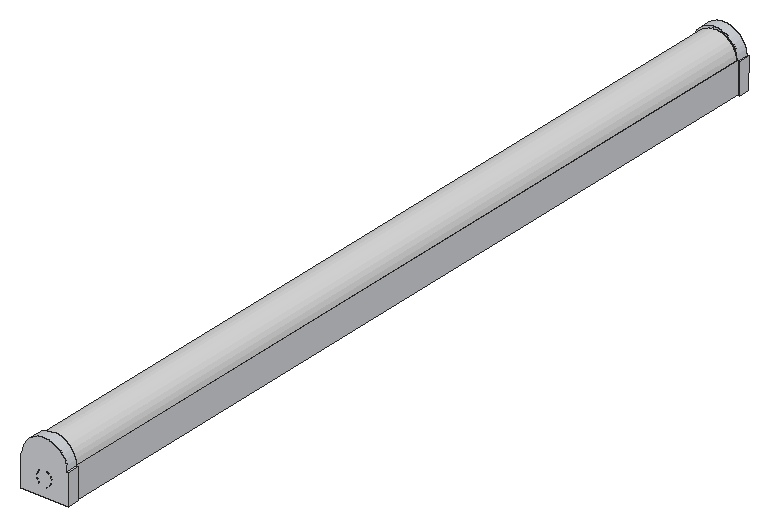
Revit family "WayLine_1220", category Lighting Fixtures, host Face, Revit 2017
Family settings
  Host = Face
  Round Connector Dimension = Use Diameter
  Part Type = Normal
  OmniClass Number = 23.80.70.00
  OmniClass Title = Lighting
  Cut with Voids When Loaded = No
  Light Source = Yes
  Shared = No
  Room Calculation Point = No
Parameters (values of type "0048924 WAYLINE 1200 DALI 3100LM 840")
  Weight = "9.96 kg"
  Wattage Comments = ""
  Wattage = 23 W
  WarrantyStartDate [instance] = "n/a"
  WarrantyGuarantorParts = "n/a"
  WarrantyDurationUnit = "n/a"
  WarrantyDurationParts = "n/a"
  WarrantyDescription = "n/a"
  WIDTH/2_SYL = 35 mm
  built-in parameter 1150110 = 1 (stored number, unit not read)
  Voltage = 0 V
  URL = "http://www.sylvania-lighting.com"
  TypeName = "Wayline 1200 DALI 3100lm 840"
  Type Image = <None>
  Type Comments = "n/a"
  built-in parameter 1114217 = 1 (stored number, unit not read)
  Tilt Angle = -90.00°
  built-in parameter 1150109 = 1 (stored number, unit not read)
  built-in parameter 1150134 = 12
  built-in parameter 1150113 = 1 (stored number, unit not read)
  SerialNumber [instance] = "n/a"
  R_HEIGHT_SYL = 44 mm
  Photometric Web File = "0048924.ies"
  Material_3_SYL = none
  PowerFactor = 0.9
  PowerConsumption = "23 W"
  NominalLength = 1220 mm
  NominalHeight = 76.5 mm
  NominalDepth = 70 mm
  Name = "Wayline 1200 DALI 3100lm 840"
  ModelReference = Name  # "Wayline 1200 DALI 3100lm 840"
  ModelNumber = "48924"
  Model = Name  # "Wayline 1200 DALI 3100lm 840"
  Material = "steel housing, pc polycarbonate diffuser"
  ManufacturerName = "Feilo Sylvania"
  Manufacturer = "Feilo Sylvania"
  LuminousEfficacy = "135 lm/W"
  built-in parameter 1150105 = -2495115.9 (stored number, unit not read)
  Lumens = 3105 lm
  LuminaireType = ""
  built-in parameter 1150115 = 1 (stored number, unit not read)
  LightOutputRatio = "n/a"
  built-in parameter 1150137 = (empty or 0)
  built-in parameter 1150139 = (empty or 0)
  LampsType = Lamp  # "LED"
  LampNominalLuminous = "3100 lm"
  LampMacAdamStep = "5"
  LampColourTemperature = "4000 K"
  LampColourRenderingIndex = "80"
  built-in parameter 1150112 = 1 (stored number, unit not read)
  built-in parameter 1150114 = 1 (stored number, unit not read)
  Lamp = "LED"
  LUM_R_SYL = 30 mm
  Keynote = "16500"
  InstallationDate [instance] = "n/a"
  InputVoltage = "n/a"
  InputNominalFrequency = "n/a"
  built-in parameter 1150132 = (empty or 0)
  built-in parameter 1150102 = (empty or 0)
  built-in parameter 1150107 = 4000 (stored number, unit not read)
  built-in parameter 1150138 = (empty or 0)
  IngressProtection = "IP20"
  ImpactProtectionIndex = "IK08"
  built-in parameter 1150106 = -24951.2 (stored number, unit not read)
  IfcExportType = "IfcLightFixtureType"
  IfcExportAs = "IfcLightFixtureType"
  HOLE_HEIGHT_SYL = 24 mm
  HEIGHT_SYL = 76.5 mm
  GAP_SYL = 2.5 mm
  Emit from Circle Diameter = 609.6 mm
  Emit Shape Visible in Rendering = no
  ElectricShockClassification = "Class I"
  built-in parameter 1150104 = 12.542 (stored number, unit not read)
  DocumentationLiterature = "http://www.sylvania-lighting.com/product/en-int/products/0048924"
  DimmingControlOptions = "n/a"
  Material_2_SYL = none
  Dimming Lamp Color Temperature Shift = <None>
  Description = "LED batten, T8 replacement, ease of installation through 2 part push-in design of the housing (safety cable included), through wiring capability, steel housing, 3100lm, 23W, 135lm/W, 4000K, CRI80, 3 step MacAdam ellipse, symmetric wide beam angle, Class I, 90000 hrs L80B20 lifespan, DALI dimmable driver, IK08, IP20, 1220 x 70 x 76.5mm (LxWxD) dimensions, 1.66kg weight."
  Default Elevation = 1219.2 mm
  CreatedOn = "5/25/2021"
  CreatedBy = "@sylvania-lighting.com"
  Cost = 0
  Color Filter = 16777215
  built-in parameter 1114216 [instance] = (empty or 0)
  ClassificationValue = "EF_70_80"
  ClassificationName = "Uniclass2015"
  Material_1_SYL = Dynamo
  BarCode [instance] = "n/a"
  built-in parameter 1114218 = 1 (stored number, unit not read)
  built-in parameter 1150133 = 10 (stored number, unit not read)
  AssetType = "Fixed"
  AssetIdentifier [instance] = "n/a"
  Assembly Code = "D5020200"
  Apparent Load = 23 VA
  Material_4_SYL = none
Types (8, lengths in mm): name | Weight | Wattage | TypeName | Photometric Web File | PowerConsumption | Name | ModelReference | ModelNumber | Model | LuminousEfficacy | built-in parameter 1150105 | Lumens | LampNominalLuminous | built-in parameter 1150106 | built-in parameter 1150104 | DocumentationLiterature | Description | Apparent Load
  0048940 WAYLINE 1200 MWCOR 3100LM 840 | "10.38 kg" | 24 W | "Wayline 1200 MWCOR 3100lm 840" | "0048940.ies" | "24 W" | "Wayline 1200 MWCOR 3100lm 840" | "Wayline 1200 MWCOR 3100lm 840" | "48940" | "Wayline 1200 MWCOR 3100lm 840" | "129 lm/W" | -2487883.7 (stored number, unit not read) | 3096 lm | "3100 lm" | -24878.8 (stored number, unit not read) | 11.984 (stored number, unit not read) | "http://www.sylvania-lighting.com/product/en-int/products/0048940" | "LED batten, T8 replacement, ease of installation through 2 part push-in design of the housing (safety cable included), through wiring capability, steel housing, 3100lm, 24W, 129lm/W, 4000K, CRI80, 3 step MacAdam ellipse, symmetric wide beam angle, Class I, 90000 hrs L80B20 lifespan, non-dimmable driver, corridor function with microwave presence sensor, IK08, IP20, 1220 x 70 x 76.5mm  (L x W x H) dimensions, 1.73kg." | 24 VA
  0048933 WAYLINE 1200 MW 5700LM 840 | "8.82 kg" | 41 W | "Wayline 1200 MW 5700lm 840" | "0048933.ies" | "41 W" | "Wayline 1200 MW 5700lm 840" | "Wayline 1200 MW 5700lm 840" | "48933" | "Wayline 1200 MW 5700lm 840" | "139 lm/W" | -8420557.4 (stored number, unit not read) | 5699 lm | "5700 lm" | -84205.6 (stored number, unit not read) | 12.914 (stored number, unit not read) | "http://www.sylvania-lighting.com/product/en-int/products/0048933" | "LED batten, T8 replacement, ease of installation through 2 part push-in design of the housing (safety cable included), through wiring capability, steel housing, 5700lm, 41W, 139lm/W, 4000K, CRI80, 3 step MacAdam ellipse, symmetric wide beam angle, Class I, 90000 hrs L80B20 lifespan, non-dimmable driver, MW sensor for 360° detection up to 8m range at 6m mounting height, IK08, IP20, 1220 x 70 x 76.5mm (LxWxD) dimensions, 1.47kg weight." | 41 VA
  0048932 WAYLINE 1200 MW 3200LM 840 | "8.64 kg" | 24 W | "Wayline 1200 MW 3200lm 840" | "0048932.ies" | "24 W" | "Wayline 1200 MW 3200lm 840" | "Wayline 1200 MW 3200lm 840" | "48932" | "Wayline 1200 MW 3200lm 840" | "133 lm/W" | -2647764 (stored number, unit not read) | 3192 lm | "3200 lm" | -26477.6 (stored number, unit not read) | 12.356 (stored number, unit not read) | "http://www.sylvania-lighting.com/product/en-int/products/0048932" | "LED batten, T8 replacement, ease of installation through 2 part push-in design of the housing (safety cable included), through wiring capability, steel housing, 3200lm, 24W, 133lm/W, 4000K, CRI80, 3 step MacAdam ellipse, symmetric wide beam angle, Class I, 90000 hrs L80B20 lifespan, non-dimmable driver, MW sensor for 360° detection up to 8m range at 6m mounting height, IK08, IP20, 1220 x 70 x 76.5mm (LxWxD) dimensions, 1.44kg weight." | 24 VA
  0048929 WAYLINE 1200 5700LM 840 EM | "10.92 kg" | 44 W | "Wayline 1200 5700lm 840 EM" | "0048929.ies" | "44 W" | "Wayline 1200 5700lm 840 EM" | "Wayline 1200 5700lm 840 EM" | "48929" | "Wayline 1200 5700lm 840 EM" | "130 lm/W" | -8451586 (stored number, unit not read) | 5720 lm | "5700 lm" | -84515.9 (stored number, unit not read) | 12.077 (stored number, unit not read) | "http://www.sylvania-lighting.com/product/en-int/products/0048929" | "LED batten, T8 replacement, ease of installation through 2 part push-in design of the housing (safety cable included), through wiring capability, steel housing, 5700lm, 44W, 130lm/W, 4000K, CRI80, 3 step MacAdam ellipse, symmetric wide beam angle, Class I, 90000 hrs L80B20 lifespan, non-dimmable driver, 3-hour maintained emergency batteries, IK08, IP20, 1220 x  70 x 76.5mm  (L x W x H) dimensions, 1.82kg." | 44 VA
  0048928 WAYLINE 1200 3200LM 840 EM | "10.68 kg" | 26 W | "Wayline 1200 3200lm 840 EM" | "0048928.ies" | "26 W" | "Wayline 1200 3200lm 840 EM" | "Wayline 1200 3200lm 840 EM" | "48928" | "Wayline 1200 3200lm 840 EM" | "123 lm/W" | -2652741 (stored number, unit not read) | 3198 lm | "3200 lm" | -26527.4 (stored number, unit not read) | 11.427 (stored number, unit not read) | "http://www.sylvania-lighting.com/product/en-int/products/0048928" | "LED batten, T8 replacement, ease of installation through 2 part push-in design of the housing (safety cable included), through wiring capability, steel housing, 3200lm, 26W, 123lm/W, 4000K, CRI80, 3 step MacAdam ellipse, symmetric wide beam angle, Class I, 90000 hrs L80B20 lifespan, non-dimmable driver, 3-hour maintained emergency batteries, IK08, IP20, 1220 x 70 x 76.5mm  (L x W x H) dimensions, 1.78kg." | 26 VA
  0048925 WAYLINE 1200 DALI 5500LM 840 | "10.02 kg" | 40 W | "Wayline 1200 DALI 5500lm 840" | "0048925.ies" | "40 W" | "Wayline 1200 DALI 5500lm 840" | "Wayline 1200 DALI 5500lm 840" | "48925" | "Wayline 1200 DALI 5500lm 840" | "138 lm/W" | -7869864 (stored number, unit not read) | 5520 lm | "5500 lm" | -78698.6 (stored number, unit not read) | 12.821 (stored number, unit not read) | "http://www.sylvania-lighting.com/product/en-int/products/0048925" | "LED batten, T8 replacement, ease of installation through 2 part push-in design of the housing (safety cable included), through wiring capability, steel housing, 5500lm, 40W, 138lm/W, 4000K, CRI80, 3 step MacAdam ellipse, symmetric wide beam angle, Class I, 90000 hrs L80B20 lifespan, DALI dimmable driver, IK08, IP20, 1220 x 70 x 76.5mm (LxWxD) dimensions, 1.67kg weight." | 40 VA
  0048924 WAYLINE 1200 DALI 3100LM 840 | "9.96 kg" | 23 W | "Wayline 1200 DALI 3100lm 840" | "0048924.ies" | "23 W" | "Wayline 1200 DALI 3100lm 840" | "Wayline 1200 DALI 3100lm 840" | "48924" | "Wayline 1200 DALI 3100lm 840" | "135 lm/W" | -2495115.9 (stored number, unit not read) | 3105 lm | "3100 lm" | -24951.2 (stored number, unit not read) | 12.542 (stored number, unit not read) | "http://www.sylvania-lighting.com/product/en-int/products/0048924" | "LED batten, T8 replacement, ease of installation through 2 part push-in design of the housing (safety cable included), through wiring capability, steel housing, 3100lm, 23W, 135lm/W, 4000K, CRI80, 3 step MacAdam ellipse, symmetric wide beam angle, Class I, 90000 hrs L80B20 lifespan, DALI dimmable driver, IK08, IP20, 1220 x 70 x 76.5mm (LxWxD) dimensions, 1.66kg weight." | 23 VA
  0048953 WAYLINE 1200 MWCOR 5500LM 840 | "10.44 kg" | 41 W | "Wayline 1200 MWCOR 5500lm 840" | "0048953.ies" | "41 W" | "Wayline 1200 MWCOR 5500lm 840" | "Wayline 1200 MWCOR 5500lm 840" | "48953" | "Wayline 1200 MWCOR 5500lm 840" | "134 lm/W" | -7832795.8 (stored number, unit not read) | 5494 lm | "5500 lm" | -78328 (stored number, unit not read) | 12.449 (stored number, unit not read) | "http://www.sylvania-lighting.com/product/en-int/products/0048953" | "LED batten, T8 replacement, ease of installation through 2 part push-in design of the housing (safety cable included), through wiring capability, steel housing, 5500lm, 41W, 134lm/W, 4000K, CRI80, 3 step MacAdam ellipse, symmetric wide beam angle, Class I, 90000 hrs L80B20 lifespan, non-dimmable driver, corridor function with microwave presence sensor, IK08, IP20, 1220 x 70 x 76.5mm  (L x W x H) dimensions, 1.74kg." | 41 VA
Reference planes
  plane 1 "Center (Front/Back)": y = 0
  plane 2: z = 0
  plane 3 "Center (Left/Right)": x = 0
  plane 4: z = 76.5
  plane 5: x = -35
  plane 6: x = 35
  plane 7: z = 44
  plane 8: x = -32.5
  plane 9: x = 32.5
  plane 10: z = 24
  plane 11: x = 2.5
  plane 12: x = -2.5
  plane 13: z = 26.5
  plane 14: z = 21.5
  plane 15: z = 74
Forms (mm)
  Extrusion 1, solid
    sketch origin (0, 0, 0) x (1, 0, 0) y (0, 0, 1)
      loop
        arc (32.5, 44) -> (0, 76.5) -> (-32.5, 44) r 32.5
        line (-32.5, 44) -> (-35, 44) -> (-35, 0) -> (35, 0) -> (35, 44) -> (32.5, 44)
      loop
        line (2.5, 34.712) -> (2.5, 33.682)
        arc (2.5, 33.682) -> (7.071, 31.071) -> (9.682, 26.5) r 10
        line (9.682, 26.5) -> (10.712, 26.5)
        arc (10.712, 26.5) -> (7.778, 31.778) -> (2.5, 34.712) r 11
      loop
        line (-2.5, 33.682) -> (-2.5, 34.712)
        arc (-2.5, 34.712) -> (-7.778, 31.778) -> (-10.712, 26.5) r 11
        line (-10.712, 26.5) -> (-9.682, 26.5)
        arc (-9.682, 26.5) -> (-7.071, 31.071) -> (-2.5, 33.682) r 10
      loop
        line (-9.682, 21.5) -> (-10.712, 21.5)
        arc (-10.712, 21.5) -> (-7.778, 16.222) -> (-2.5, 13.288) r 11
        line (-2.5, 13.288) -> (-2.5, 14.318)
        arc (-2.5, 14.318) -> (-7.071, 16.929) -> (-9.682, 21.5) r 10
      loop
        line (2.5, 14.318) -> (2.5, 13.288)
        arc (2.5, 13.288) -> (7.778, 16.222) -> (10.712, 21.5) r 11
        line (10.712, 21.5) -> (9.682, 21.5)
        arc (9.682, 21.5) -> (7.071, 16.929) -> (2.5, 14.318) r 10
    from 594 to 610
  Extrusion 2, solid, material "Dynamo" <- "Material_1_SYL"
    sketch origin (0, 0, 0) x (1, 0, 0) y (0, 0, 1)
      loop
        line (-30, 44) -> (30, 44)
        arc (30, 44) -> (0, 74) -> (-30, 44) r 30
    from -594 to 594
  Extrusion 3, solid
    sketch origin (0, 0, 0) x (1, 0, 0) y (0, 0, 1)
      loop
        line (-32.5, 44) -> (-32.5, 0) -> (32.5, 0) -> (32.5, 44) -> (-32.5, 44)
    from -594 to 594
  Extrusion 4, solid
    sketch origin (0, 0, 0) x (1, 0, 0) y (0, 0, -1)
      loop
        line (32.5, -44) -> (35, -44) -> (35, 0) -> (-35, 0) -> (-35, -44) -> (-32.5, -44)
        arc (-32.5, -44) -> (0, -76.5) -> (32.5, -44) r 32.5
      loop
        arc (2.5, -34.712) -> (7.778, -31.778) -> (10.712, -26.5) r 11
        line (10.712, -26.5) -> (9.682, -26.5)
        arc (9.682, -26.5) -> (7.071, -31.071) -> (2.5, -33.682) r 10
        line (2.5, -33.682) -> (2.5, -34.712)
      loop
        arc (-2.5, -33.682) -> (-7.071, -31.071) -> (-9.682, -26.5) r 10
        line (-9.682, -26.5) -> (-10.712, -26.5)
        arc (-10.712, -26.5) -> (-7.778, -31.778) -> (-2.5, -34.712) r 11
        line (-2.5, -34.712) -> (-2.5, -33.682)
      loop
        arc (-9.682, -21.5) -> (-7.071, -16.929) -> (-2.5, -14.318) r 10
        line (-2.5, -14.318) -> (-2.5, -13.288)
        arc (-2.5, -13.288) -> (-7.778, -16.222) -> (-10.712, -21.5) r 11
        line (-10.712, -21.5) -> (-9.682, -21.5)
      loop
        arc (2.5, -14.318) -> (7.071, -16.929) -> (9.682, -21.5) r 10
        line (9.682, -21.5) -> (10.712, -21.5)
        arc (10.712, -21.5) -> (7.778, -16.222) -> (2.5, -13.288) r 11
        line (2.5, -13.288) -> (2.5, -14.318)
    from 594 to 610
Dimensions and locks
  "HEIGHT_SYL": plane 4 to host face
  "WIDTH/2_SYL": plane 6 to plane 3 "Center (Left/Right)" to plane 5
  "R_HEIGHT_SYL": plane 7 to host face
  "GAP_SYL": plane 8 to plane 5
  "GAP_SYL": plane 6 to plane 9
  "HOLE_HEIGHT_SYL": plane 10 to host face
  "GAP_SYL": plane 13 to plane 10 to plane 14
  "GAP_SYL": plane 11 to plane 3 "Center (Left/Right)" to plane 12
  "LUM_R_SYL": plane 15 to plane 7
  aligned and locked: plane 2 to host face
  aligned and locked: level to host face
Automatic sketch dimensions
  host sketch curve to host sketch curve = 2438.4 mm  (x2)
  Extrusion 1 sketch curve to Extrusion 1 sketch curve = 0 mm  (x58)
  Extrusion 1 sketch curve to level = 0 mm
  Extrusion 1 sketch curve to plane 5 = 0 mm
  Extrusion 1 sketch curve to plane 7 = 0 mm
  Extrusion 1 sketch curve to plane 8 = 0 mm
  Extrusion 1 sketch curve to plane 13 = 0 mm  (x2)
  Extrusion 1 sketch curve to plane 14 = 0 mm  (x2)
  Extrusion 1 sketch curve to plane 12 = 0 mm  (x2)
  Extrusion 1 sketch curve to plane 3 "Center (Left/Right)" = 0 mm  (x2)
  Extrusion 1 sketch curve to plane 11 = 0 mm  (x2)
  Extrusion 1 sketch curve to plane 6 = 0 mm
  Extrusion 1 sketch curve to plane 10 = 0 mm
  Extrusion 1 sketch curve to plane 12 = 8.212 mm
  Extrusion 1 sketch curve to Extrusion 1 sketch curve = 1.03 mm  (x4)
  plane 11 to Extrusion 1 sketch curve = 7.182 mm
  Extrusion 2 sketch curve to plane 7 = 0 mm
  Extrusion 2 sketch curve to plane 3 "Center (Left/Right)" = 0 mm
  plane 8 to Extrusion 2 sketch curve = 2.5 mm
  Extrusion 3 sketch curve to level = 0 mm
  Extrusion 3 sketch curve to plane 8 = 0 mm
  Extrusion 3 sketch curve to plane 9 = 0 mm
  Extrusion 3 sketch curve to plane 7 = 0 mm
  Extrusion 4 sketch curve to Extrusion 4 sketch curve = 0 mm  (x58)
  Extrusion 4 sketch curve to level = 0 mm
  Extrusion 4 sketch curve to plane 5 = 0 mm
  Extrusion 4 sketch curve to plane 7 = 0 mm
  Extrusion 4 sketch curve to plane 8 = 0 mm
  Extrusion 4 sketch curve to plane 13 = 0 mm  (x2)
  Extrusion 4 sketch curve to plane 14 = 0 mm  (x2)
  Extrusion 4 sketch curve to plane 12 = 0 mm  (x2)
  Extrusion 4 sketch curve to plane 3 "Center (Left/Right)" = 0 mm  (x2)
  Extrusion 4 sketch curve to plane 11 = 0 mm  (x2)
  Extrusion 4 sketch curve to plane 6 = 0 mm
  Extrusion 4 sketch curve to plane 10 = 0 mm
  Extrusion 4 sketch curve to plane 12 = 8.212 mm
  Extrusion 4 sketch curve to Extrusion 4 sketch curve = 1.03 mm  (x4)
  plane 11 to Extrusion 4 sketch curve = 7.182 mm
Connectors
  electrical at (0, -610, 29.333)
    settings: on Extrusion 1, index 1, voltage 0 V, apparent load 0 VA, apparent load phase1 0 VA, apparent load phase2 0 VA, apparent load phase3 0 VA, power factor 1, load classification "Other", number of poles 1, system type 31, power factor state 1, is connector primary yes, connector utility no, sub classification motor no, connector description ""
